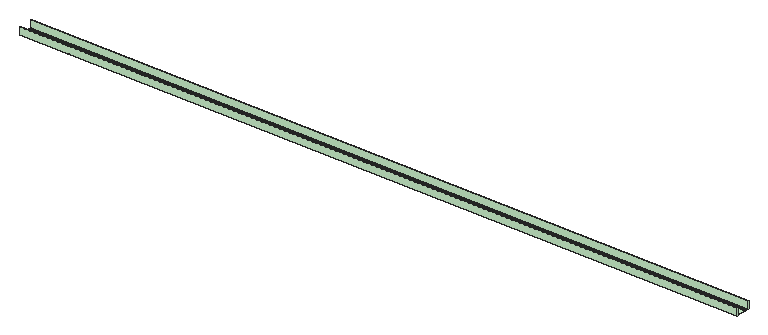
Revit family "WR-75", category 機械設備, Revit 2020
Family settings
  丸型コネクタ寸法 = 直径を使用
  種別 = なし
  パーツ タイプ = 標準
  作業面ベース = いいえ
  常に垂直 = はい
  ロード時にボイドで切り取り = いいえ
  共有 = いいえ
  部屋計算ポイント = いいえ
Parameters
  製造元 = "株式会社桐井製作所"
  既定の高さ = 0 mm
  URL = "https://www.kirii.co.jp/"
  K_長さ(mm) [instance] = 4000 mm
  K_材質 = "SGCCまたはSGHC　一般用"
  K_断面積A(mm2) = 123.5
  K_断面係数Zy(mm3) = 3124
  K_断面係数Zx(mm3) = 692
  K_断面2次半径iy(mm) = 31.2
  K_断面2次半径ix(mm) = 12.8
  K_断面2次モーメントIy(mm4) = 120300
  K_断面2次モーメントIx(mm4) = 20380
  K_外形寸法(mm) = "77×40×0.8"
  K_品名 = "WR-75"
  K_名称 = "ランナー"
  K_単位質量(kg/m) = 0.998
  K_ヤング係数E(N/mm2) = 205000
  K_バージョン情報 = "20210524"
  K_めっき付着量 = "Z12"
  K_JIS規格 = "JIS G 3302"
  K_JIS外 [instance] = not(K_JIS)  # no
  K_JIS [instance] = yes
Reference planes
  plane 1 "中心(正面/背面)": y = 0
  plane 2: z = 0
  plane 3 "中心(左/右)": x = 0
  plane 4: x = 4000
  plane 5: y = 38.5
  plane 6: y = -38.5
  plane 7: z = 39.981
Forms (mm)
  Extrusion 1, solid
    sketch origin (0, 0, 0) x (0, 1, 0) y (0, 0, 1)
      loop
        line (18.481, 0) -> (19.281, 0.8) -> (27.681, 0.8) -> (28.5, -0.019) -> (38.5, -0.019) -> (38.5, 39.981) -> (37.7, 39.981) -> (37.7, 0.8) -> (28.812, 0.8) -> (28.012, 1.6) -> (18.949, 1.6) -> (18.149, 0.8) -> (-18.169, 0.8) -> (-18.969, 1.6) -> (-28.031, 1.6) -> (-28.831, 0.8) -> (-37.7, 0.8) -> (-37.7, 39.962) -> (-38.5, 39.962) -> (-38.5, 0) -> (-28.5, 0) -> (-27.7, 0.8) -> (-19.3, 0.8) -> (-18.5, 0) -> (18.481, 0)
    from 0 to 4000
Dimensions and locks
  "K_長さ(mm)": plane 3 "中心(左/右)" to plane 4
  aligned and locked: level to plane 2
  aligned and locked: plane 4 to Extrusion 1
  aligned and locked: plane 5 to Extrusion 1
  aligned and locked: Extrusion 1 to plane 6
Automatic sketch dimensions
  Extrusion 1 sketch curve to plane 6 = 0 mm
  Extrusion 1 sketch curve to level = 0 mm  (x2)
  Extrusion 1 sketch curve to plane 5 = 0 mm
  plane 6 to Extrusion 1 sketch curve = 0.8 mm
  level to Extrusion 1 sketch curve = 0.8 mm  (x5)
  Extrusion 1 sketch curve to Extrusion 1 sketch curve = 8.869 mm
  Extrusion 1 sketch curve to Extrusion 1 sketch curve = 0.331 mm  (x7)
  Extrusion 1 sketch curve to Extrusion 1 sketch curve = 0.8 mm  (x5)
  Extrusion 1 sketch curve to Extrusion 1 sketch curve = 8.4 mm  (x2)
  Extrusion 1 sketch curve to plane 1 "中心(正面/背面)" = 18.149 mm
  level to Extrusion 1 sketch curve = 1.6 mm
  Extrusion 1 sketch curve to level = 0.019 mm
  Extrusion 1 sketch curve to Extrusion 1 sketch curve = 0.819 mm
  Extrusion 1 sketch curve to Extrusion 1 sketch curve = 39.162 mm
  Extrusion 1 sketch curve to Extrusion 1 sketch curve = 39.181 mm
  Extrusion 1 sketch curve to Extrusion 1 sketch curve = 0.312 mm
